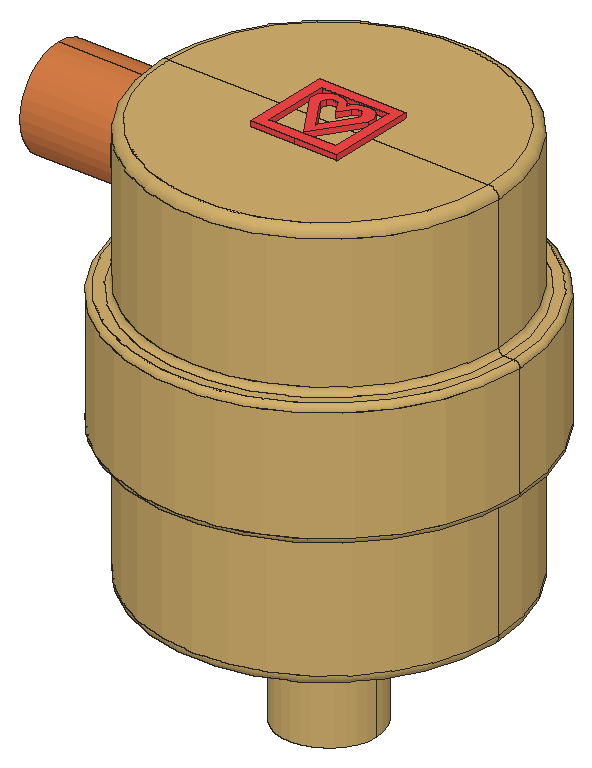
Revit family "Воздухоудалитель с функцией  выпуска воздуха 2630 10", category Rohrzubehör, Revit 2021
Family settings
  Bemaßung runder Anschluss = Durchmesser verwenden
  Teiletyp = Normal
  OmniClass-Nummer = 23.65.55.14
  OmniClass-Titel = Valves for Liquid Services
  Arbeitsebenenbasiert = Nein
  Immer vertikal = Ja
  Beim Laden mit Abzugskörper schneiden = Nein
  Gemeinsam genutzt = Nein
Parameters
  Поплавок = "Полипропилен"  # constant formula
  Номер заказа [instance] = if(Nennweite = 10.000 mm, 1263010, 0)  # 1263010
  Vorgabe-Ansicht = 0.000 mm
  SCRNSEQ = "AWI;AWI_TYP=\"1013\";1"
  SCRNCODE = "05;14;01"  # constant formula
  S03 = 24.500 mm  # constant formula
  S02 = 11.000 mm  # constant formula
  S01 = 56.000 mm  # constant formula
  Мин. рабочая температура = 0 °C  # constant formula
  Макс. давление на корпусе = 1000000.0 Pa  # constant formula
  Макс. рабочая температура = 110 °C  # constant formula
  URL = "www.herz-armaturen.ru"
  R02 = 0.600 mm  # constant formula
  R01 = 1.000 mm  # constant formula
  Nennweite [instance] = 10.000 mm  # constant formula
  Среда = "Качество  теплоносителя в соответствии с ÖNORM H5195 и/или предписаниями VDI-Standard 2035.\nРазрешается использование смеси этилен или пропиленгликоля в соотношении 25-50% с водой. Прокладки EPDM могут быть подвержены воздействию минеральных смазочных масел, что может служить причиной выхода из строя данных уплотнений. Пожалуйста, обратитесь к документации производителя, при использовании этиленгликоля и пропиленгликоля в целях защиты от замерзания."
  Макс. рабочее давление = 1000000.0 Pa  # constant formula
  L04 = L02 - L03  # 18.800 mm
  L03 = 9.500 mm  # constant formula
  L02 = 28.300 mm  # constant formula
  L01 = 4.000 mm  # constant formula
  Hersteller = "Herz-Armaturen GmbH"  # constant formula
  H08 = H00 - 1.000 mm  # 55.000 mm
  H07 = H00 - 7.500 mm  # 48.500 mm
  H06 = 2.500 mm  # constant formula
  H05 = 9.000 mm  # constant formula
  H04 = 14.500 mm  # constant formula
  H03 = 15.500 mm  # constant formula
  H02 = 13.000 mm  # constant formula
  H01 = 9.500 mm  # constant formula
  H00 = 56.000 mm  # constant formula
  Корпус = "штампованная латунь в соответствии с EN 12165, CW617N"  # constant formula
  G1 [instance] = Nennweite / 2  # 5.000 mm
  Уплотнение = "EPDM"  # constant formula
  Крышка корпуса = "штампованная латунь в соответствии с EN 12165, CW617N"  # constant formula
  D06 = 3.400 mm  # constant formula
  D05 = 5.100 mm  # constant formula
  D04 = 12.500 mm  # constant formula
  D03 = 11.000 mm  # constant formula
  D02 = 20.000 mm  # constant formula
  D01 = 17.800 mm  # constant formula
  Наружная резьба подключения = "в соответствии с ISO 228"  # constant formula
  Область применения = "Воздухоотводчик используется для удаления воздуха в системах отопления и холодоснабжения. Клапаны должны быть размещены рядом с котлом или же в самых высоких точках системы, чтобы обеспечить удаление воздуха из системы."
  Колпачок = "ABS пластик, цвет красный"  # constant formula
Reference planes
  plane 1 "Mitte (Vorne/hinten)": y = 0
  plane 2: z = 0
  plane 3 "Mitte (Links/rechts)": x = 0
Forms (mm)
  Revolve 1, solid, material "Messing", detail levels fine
    sketch origin (0, 0, 0) x (1, 0, 0) y (0, 0, 1)
      loop
        line (0, 56) -> (-16.8, 56)
        arc (-16.8, 56) -> (-17.507, 55.707) -> (-17.8, 55) r 1
        line (-17.8, 55) -> (-17.8, 41.1)
        arc (-17.8, 41.1) -> (-17.976, 40.676) -> (-18.4, 40.5) r 0.6
        line (-18.4, 40.5) -> (-19.4, 40.5)
        arc (-19.4, 40.5) -> (-19.824, 40.324) -> (-20, 39.9) r 0.6
        line (-20, 39.9) -> (-20, 28.1)
        arc (-20, 28.1) -> (-19.824, 27.676) -> (-19.4, 27.5) r 0.6
        line (-19.4, 27.5) -> (-18.4, 27.5)
        arc (-18.4, 27.5) -> (-17.976, 27.324) -> (-17.8, 26.9) r 0.6
        line (-17.8, 26.9) -> (-17.8, 14)
        arc (-17.8, 14) -> (-17.507, 13.293) -> (-16.8, 13) r 1
        line (-16.8, 13) -> (-13.8, 13) -> (-9, 9.5) -> (-5, 9.5) -> (-5, 0) -> (0, 0) -> (0, 56)
      axis (0, 56) -> (0, 0)
    angle from 0 to 360
  Revolve 2, solid, material "Messing", detail levels fine
    sketch origin (0, 0, 0) x (1, 0, 0) y (0, 0, 1)
      loop
        line (0, 48.5) -> (0, 51.9) -> (-18.8, 51.9) -> (-18.8, 48.5) -> (0, 48.5)
      axis (-18.8, 48.5) -> (0, 48.5)
    angle from 0 to 360
  Revolve 3, solid, material "Kunststoff-Orange", detail levels fine
    sketch origin (0, 0, 0) x (1, 0, 0) y (0, 0, 1)
      loop
        line (-28.3, 48.5) -> (-18.8, 48.5) -> (-18.8, 53.6) -> (-28.3, 53.6) -> (-28.3, 48.5)
      axis (-28.3, 48.5) -> (-18.8, 48.5)
    angle from 0 to 360
Lines and regions (mm)
  model lines, detail levels coarse+medium
    curve 1: line (0, 0, 56) -> (-12.587, 0, 43.413)
    curve 2: line (0, 0, 56) -> (12.587, 0, 43.413)
    curve 3: circle (0, 0, 31.5) r 11 normal (0, -1, 0)
    curve 4: line (0, 0, 42.5) -> (0, 0, 56)
    curve 5: line (0, 0, 20.5) -> (0, 0, 0)
    curve 6: line (0, 0, 56) -> (0, -12.587, 43.413)
    curve 7: line (0, 0, 56) -> (0, 12.587, 43.413)
    curve 8: circle (0, 0, 31.5) r 11 normal (1, 0, 0)
    curve 9: line (0, 56, 0) -> (-12.587, 43.413, 0)
    curve 10: line (0, 56, 0) -> (12.587, 43.413, 0)
    curve 11: circle (0, 31.5, 0) r 11 normal (0, 0, 1)
    curve 12: line (0, 42.5, 0) -> (0, 56, 0)
    curve 13: line (0, 20.5, 0) -> (0, 0, 0)
Dimensions and locks
  "H02": Revolve 1 sketch curve to Revolve 1 sketch curve
  "H03": Revolve 1 sketch curve to Revolve 1 sketch curve
  "H04": Revolve 1 sketch curve to Revolve 1 sketch curve
  "L01": Revolve 1 sketch curve to Revolve 1 sketch curve  (x2)
  "D01": Revolve 1 sketch curve to Revolve 1 sketch curve  (x2)
  "D02": Revolve 1 sketch curve to Revolve 1 sketch curve
  "H07": Revolve 2 sketch curve to plane 2
  "D06": Revolve 2 sketch curve to Revolve 2 sketch curve
  "L02": plane 3 "Mitte (Links/rechts)" to Revolve 3 sketch curve
  "L03": Revolve 3 sketch curve to Revolve 3 sketch curve
  "D05": Revolve 3 sketch curve to Revolve 3 sketch curve
  "H07": Revolve 3 sketch curve to plane 2
  "L04": plane 3 "Mitte (Links/rechts)" to Revolve 2 sketch curve
  "H08": nested 1 to plane 2
  "G1": Revolve 1 sketch curve to Revolve 1 sketch curve
  "H00": Revolve 1 sketch curve to Revolve 1 sketch curve
  "H01": Revolve 1 sketch curve to Revolve 1 sketch curve
  "S01": curve 2 to plane 2
  "D01": curve 1 to curve 4
  "D01": curve 2 to curve 2
  "S03": curve 4 to curve 3
  "D01": curve 6 to curve 6
  "D01": curve 7 to curve 7
  "S03": curve 7 to curve 8
  "S01": curve 7 to plane 2
  "S01": plane 1 "Mitte (Vorne/hinten)" to curve 12
  "S03": curve 12 to curve 11
  "D01": curve 9 to curve 9
  "D01": curve 10 to curve 10
  "R01": radius of Revolve 1 sketch curve  (x2)
  "R02": radius of Revolve 1 sketch curve  (x4)
  "S02": radius of curve 3
  "S02": radius of curve 8
  "S02": radius of curve 11
  angle curve 1 to curve 4 = 45.00°
  angle curve 4 to curve 2 = 45.00°
  angle curve 6 to plane 1 "Mitte (Vorne/hinten)" = 45.00°
  angle plane 1 "Mitte (Vorne/hinten)" to curve 7 = 45.00°
  angle curve 9 to curve 12 = 45.00°
  angle curve 12 to curve 10 = 45.00°
  aligned and locked: level to plane 2
Automatic sketch dimensions
  curve 7 to plane 1 "Mitte (Vorne/hinten)" = 0.000 mm
  curve 8 to plane 1 "Mitte (Vorne/hinten)" = 0.000 mm
  curve 1 to plane 3 "Mitte (Links/rechts)" = 0.000 mm
  curve 5 to plane 3 "Mitte (Links/rechts)" = 0.000 mm
  curve 3 to plane 3 "Mitte (Links/rechts)" = 0.000 mm
  curve 5 to level = 0.000 mm
  curve 9 to plane 3 "Mitte (Links/rechts)" = 0.000 mm
  curve 13 to plane 3 "Mitte (Links/rechts)" = 0.000 mm
  curve 11 to plane 3 "Mitte (Links/rechts)" = 0.000 mm
  plane 1 "Mitte (Vorne/hinten)" to curve 13 = 0.000 mm
  Revolve 1 sketch curve to level = 0.000 mm
  Revolve 1 sketch curve to plane 3 "Mitte (Links/rechts)" = 0.000 mm
  plane 3 "Mitte (Links/rechts)" to Revolve 1 sketch curve = 0.000 mm
  Revolve 1 sketch curve to Revolve 1 sketch curve = 2000.000 mm
  Revolve 1 sketch curve to Revolve 1 sketch curve = 1932.500 mm
  Revolve 2 sketch curve to plane 3 "Mitte (Links/rechts)" = 0.000 mm  (x2)
  Revolve 2 sketch curve to Revolve 2 sketch curve = 0.000 mm  (x2)
  Revolve 3 sketch curve to Revolve 3 sketch curve = 0.000 mm  (x3)
Nested families
  nested 1: "Herz-Logo" at (0, 0, 55), type "Herz-Logo", detail levels fine
Connectors
  piping at (0, 0, 0), diameter 10, driven by "Nennweite"
    settings: on Revolve 1, index 1, connector inside diameter 609.6 mm, connector length 0.000 mm, flow factor 0, pipe flow 0.0 L/s, pressure drop 0.0 Pa, fitting loss kfactor 0, connector angle 0.00°, fixture units 0, engagement length 0.000 mm, angle of deflection 0.00°, flow configuration 0, flow direction 1, fitting loss method 0, system type 29, joint type 0, gender type 0, connector reference index -1, connector utility 0, adjustable connector no, is connector primary yes, connector description ""
Definition of nested family "Herz-Logo"
  Parameters (values of type "Herz-Logo")
    Default Elevation = 0.000 mm
  Reference planes
    plane 1 "Mitte (Vorne/hinten)": y = 0
    plane 2: z = 0
    plane 3 "Mitte (Links/rechts)": x = 0
  Forms (mm)
    Extrusion 1, solid
      sketch origin (0, 0, 0) x (1, 0, 0) y (0, 1, 0)
        loop
          line (-0.018, -4.517) -> (4.482, -4.517) -> (4.482, 4.483) -> (-4.518, 4.483) -> (-4.518, -4.517) -> (-0.018, -4.517)
        loop
          line (-0.05, -3.48) -> (3.482, -3.48) -> (3.482, 3.483) -> (-3.518, 3.483) -> (-3.518, -3.48) -> (-0.05, -3.48)
        loop
          arc (-0.018, 2.383) -> (-1.543, 3.287) -> (-3.067, 2.383) r 1.738
          arc (-3.067, 2.383) -> (-3.191, 1.899) -> (-3.067, 1.415) r 1.009
          line (-3.067, 1.415) -> (-0.018, -3.281) -> (3.032, 1.415)
          arc (3.032, 1.415) -> (3.156, 1.899) -> (3.032, 2.383) r 1.009
          arc (3.032, 2.383) -> (1.507, 3.287) -> (-0.018, 2.383) r 1.738
        loop
          arc (1.885, 1.272) -> (2.005, 1.675) -> (1.885, 2.079) r 0.74
          arc (1.885, 2.079) -> (1.265, 2.416) -> (0.644, 2.079) r 0.74
          line (0.644, 2.079) -> (-0.018, 0.97) -> (-0.679, 2.079)
          arc (-0.679, 2.079) -> (-1.3, 2.416) -> (-1.921, 2.079) r 0.74
          arc (-1.921, 2.079) -> (-2.04, 1.675) -> (-1.921, 1.272) r 0.74
          line (-1.921, 1.272) -> (-0.018, -1.658) -> (1.885, 1.272)
      from 0 to 1.5
  Dimensions and locks
    aligned and locked: level to plane 2
